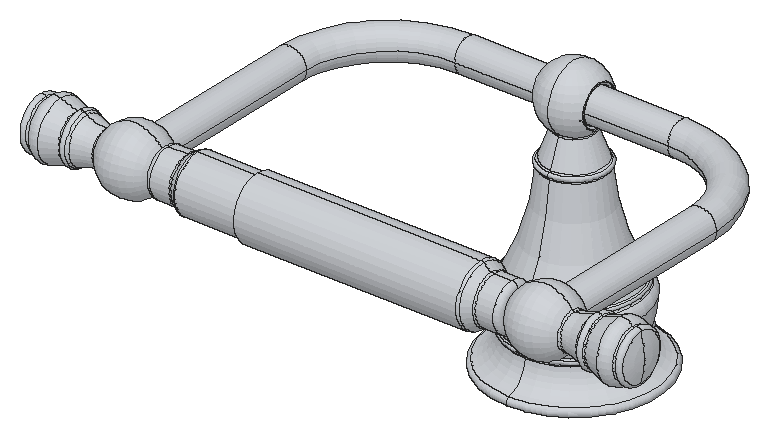
Revit family "Accessory-Tissue_Holder-KOHLER-REVIVAL-K-16141T_1", category Specialty Equipment, host Face, Revit 2017
Family settings
  Host = Face
  Round Connector Dimension = Use Diameter
  Part Type = Normal
  OmniClass Number = 23.31.25.21
  OmniClass Title = Toilet Paper Dispensers
  Cut with Voids When Loaded = No
  Shared = No
  Room Calculation Point = No
Parameters (values of type "CP-Polished Chrome")
  Width = 8 61/256"  # constant formula
  WaterSense Certified = 1 = 0  # no
  URL = "http://www.kohler.com.cn/"
  Type = 1
  Product Page URL = "https://www.kohler.com.cn/product/K-16141T-CP/K-16141T-CP/"
  Product Name = "REVIVAL"  # constant formula
  Product Documentation Link = "https://files.kohler.com.cn/pdfs/inst_revival.pdf"
  Model = if(Type = 1, "K-16141T-CP", if(Type = 2, "K-16141T-AF", "NA"))  # "K-16141T-CP"
  Material = "Premium Metal Construction"  # constant formula
  Master Format 2014 Name = "Toilet, Bath, and Laundry Accessories"  # constant formula
  Master Format 2014 = "10 28 00"  # constant formula
  Manufacturer Address = "Kohler Beijing Office (100016) 36-2-03-B, No. 88, Liuxiang Road, Beijing"  # constant formula
  Manufacturer = "KOHLER Co."  # constant formula
  Length = 3 23/32"  # constant formula
  Height = 5 141/256"  # constant formula
  Finish = Kohler-Metal-CP-Polished_Chrome
  Environmental Product Declaration = ""
  Description = "Toilet Paper Dispenser"  # constant formula
  Default Elevation = 42"
  Declare Label = ""
  Date Modified = "09/15/2020"  # constant formula
  Date Created = "09/15/2020"  # constant formula
  Copyright = "Copyright KOHLER Co."  # constant formula
  Contact Us = "http://www.kohler.com.cn/contact/contact-us/"
  Assembly Code = "C1030200"
  ADA Compliant = 1 = 0  # no
Types (3): name | Type | Product Page URL | Model | Finish
  (no name) | 1 | "https://www.kohler.com.cn/product/K-16141T-CP/K-16141T-CP/" | "K-16141T-CP" | Kohler-Metal-CP-Polished_Chrome
  CP-Polished Chrome | 1 | "https://www.kohler.com.cn/product/K-16141T-CP/K-16141T-CP/" | "K-16141T-CP" | Kohler-Metal-CP-Polished_Chrome
  AF-Vibrant French Gold | 2 | "https://www.kohler.com.cn/product/K-16141T-CP/K-16141T-AF/" | "K-16141T-AF" | Kohler-Metal-AF-Vibrant_French_Gold
Reference planes (in)
  plane 1 "Center (Front/Back)": y = 0
  plane 2: z = 0
  plane 3 "Center (Left/Right)": x = 0
  plane 4: y = 1.14173
  plane 5: x = 4.12008
  plane 6: x = -4.1182
  plane 7: x = 2.77953
  plane 8: x = -2.77953
  plane 9: y = -3.96063
  plane 10: x = 1.14173
  plane 11: x = -1.14173
  plane 12: y = -1.14173
  plane 13: z = 3.71875
  plane 14: z = 3.27953
  plane 15: y = -4.40905
  plane 16: z = 3.50117
  plane 17: z = 3.05788
  plane 18: z = 0.11533
  plane 19: z = 2.84031
  plane 20: y = -3.51221
  plane 21: x = -2.99996
  plane 22: x = -2.5591
  plane 23: x = 2.99996
  plane 24: x = 2.5591
Dimensions and locks (in)
  "Length": level to plane 13
  "Width": plane 6 to plane 5
  "Height": plane 4 to plane 15
  plane 9 to plane 1 "Center (Front/Back)" = 3.96063"
  plane 8 to plane 7 = 5.55906"
  plane 10 to plane 11 = 2.28346"
  plane 4 to plane 12 = 2.28346"
  level to plane 14 = 3.27953"
  aligned and locked: plane 2 to host face
  aligned and locked: level to host face
Automatic sketch dimensions
  host sketch curve to host sketch curve = 96"  (x2)
Nested families (in)
  nested 1: "K-16141T" at (0, 0, 0), type "K-16141T"
Definition of nested family "K-16141T"
  Parameters (values of type "K-16141T")
    Material = none
  Reference planes (in)
    plane 1 "Center (Front/Back)": y = 0
    plane 2: z = 0
    plane 3 "Center (Left/Right)": x = 0
    plane 4: y = -3.96063
    plane 5: x = -4.12008
    plane 6: x = -2.77953
    plane 7: x = 4.12008
    plane 8: x = 2.77953
    plane 9: z = 3.27953
    plane 10: z = 3.72047
    plane 11: x = -1.14173
    plane 12: x = 1.14173
    plane 13: y = -4.40945
    plane 14: y = 1.14173
    plane 15: y = -1.14173
  Forms (in)
    Revolve 1, solid, material <- "Material", detail levels medium+fine
      sketch origin (0, 0, 0) x (0, 1, 0) y (0, 0, 1)
        loop
          line (0, 0) -> (1.08148, 0)
          arc (1.08148, 0) -> (1.14092, 0.0504) -> (1.09778, 0.11531) r 0.05863
          arc (1.09778, 0.11531) -> (0.90271, 0.24153) -> (0.82035, 0.45879) r 0.37258
          arc (0.82035, 0.45879) -> (0.82396, 0.47376) -> (0.83501, 0.48449) r 0.02768
          arc (0.83501, 0.48449) -> (0.85032, 0.50842) -> (0.83779, 0.53391) r 0.02894
          arc (0.83779, 0.53391) -> (0.82854, 0.54628) -> (0.82873, 0.56172) r 0.02402
          arc (0.82873, 0.56172) -> (0.87536, 0.72808) -> (0.89958, 0.89915) r 1.30357
          arc (0.89958, 0.89915) -> (0.88656, 0.98163) -> (0.83814, 1.04967) r 0.18243
          arc (0.83814, 1.04967) -> (0.83035, 1.06322) -> (0.83242, 1.07871) r 0.0243
          arc (0.83242, 1.07871) -> (0.83359, 1.10122) -> (0.81798, 1.1175) r 0.02839
          arc (0.81798, 1.1175) -> (0.80471, 1.1259) -> (0.79492, 1.13818) r 0.04736
          arc (0.79492, 1.13818) -> (0.53018, 1.77227) -> (0.41157, 2.4491) r 3.10102
          arc (0.41157, 2.4491) -> (0.41484, 2.46439) -> (0.42555, 2.47577) r 0.02903
          arc (0.42555, 2.47577) -> (0.43909, 2.50699) -> (0.41401, 2.52999) r 0.02933
          arc (0.41401, 2.52999) -> (0.39933, 2.53566) -> (0.38904, 2.54757) r 0.03243
          arc (0.38904, 2.54757) -> (0.31299, 2.71949) -> (0.25472, 2.89821) r 1.85672
          arc (0.25472, 2.89821) -> (0.25525, 2.91399) -> (0.26454, 2.92675) r 0.02688
          arc (0.26454, 2.92675) -> (0.41832, 3.41895) -> (0, 3.72047) r 0.44094
          line (0, 3.72047) -> (0, 0)
        axis (0, 0) -> (0, 3.72047)
      angle from 0 to 360
    Revolve 2, void
      sketch origin (0, 0, 0) x (1, 0, 0) y (0, 0, 1)
        loop
          line (0.19, 3.519) -> (0.19, 3.46494) -> (-0.07058, 3.46494) -> (-0.07058, 3.519) -> (-0.30897, 3.519)
          arc (-0.30897, 3.519) -> (-0.32855, 3.52567) -> (-0.34, 3.54291) r 0.0321
          line (-0.34, 3.54291) -> (-0.34, 3.62781) -> (-0.55907, 3.62781) -> (-0.55907, 3.27953) -> (0, 3.27953) -> (0.55907, 3.27953) -> (0.55907, 3.65818) -> (0.34, 3.65818) -> (0.34, 3.54291)
          arc (0.34, 3.54291) -> (0.32855, 3.52567) -> (0.30897, 3.519) r 0.0321
          line (0.30897, 3.519) -> (0.19, 3.519)
        axis (0.55907, 3.27953) -> (-0.55907, 3.27953)
      angle from 0 to 360
    Sweep 3, solid, material <- "Material", detail levels medium+fine
      path origin (0, 0, 0) x (1, 0, 0) y (0, 1, 0)
        loop
          line (-2.77953, -3.96063) -> (-2.77953, -1.33858)
          arc (-2.77953, -1.33858) -> (-2.38747, -0.39206) -> (-1.44094, 0) r 1.33858
          line (-1.44094, 0) -> (1.44094, 0)
          arc (1.44094, 0) -> (2.38747, -0.39206) -> (2.77953, -1.33858) r 1.33858
          line (2.77953, -1.33858) -> (2.77953, -3.96063)
      profile origin (0, 0, 0) x (0, 1, 0) y (0, 0, 1)
        loop
          circle (0, 3.27953) r 0.22043
    Revolve 4, solid, material <- "Material", detail levels medium+fine
      sketch origin (-4.98419, -3.96063, 48) x (-1, 0, 0) y (0, 0, 1)
        loop
          arc (-0.90605, -44.40775) -> (-0.94485, -44.37178) -> (-0.99425, -44.3907) r 0.05007
          arc (-0.99425, -44.3907) -> (-1.01173, -44.39888) -> (-1.02836, -44.3891) r 0.02071
          arc (-1.02836, -44.3891) -> (-1.10537, -44.32797) -> (-1.20368, -44.32983) r 0.14539
          arc (-1.20368, -44.32983) -> (-1.30979, -44.3695) -> (-1.41636, -44.40789) r 9.37434
          arc (-1.41636, -44.40789) -> (-1.43218, -44.40832) -> (-1.44526, -44.39941) r 0.02574
          arc (-1.44526, -44.39941) -> (-1.48052, -44.38053) -> (-1.51815, -44.39407) r 0.0492
          arc (-1.51815, -44.39407) -> (-1.53283, -44.40589) -> (-1.54931, -44.41504) r 0.11016
          arc (-1.54931, -44.41504) -> (-1.67857, -44.46063) -> (-1.81354, -44.48445) r 0.83475
          arc (-1.81354, -44.48445) -> (-1.82878, -44.48178) -> (-1.84056, -44.47175) r 0.02943
          arc (-1.84056, -44.47175) -> (-2.22142, -44.27985) -> (-2.5866, -44.50013) r 0.44094
          arc (-2.5866, -44.50013) -> (-2.6025, -44.43391) -> (-2.66396, -44.4046) r 0.07909
          line (-2.66396, -44.4046) -> (-2.91559, -44.4046)
          arc (-2.91559, -44.4046) -> (-2.93209, -44.40228) -> (-2.94731, -44.3955) r 0.05986
          line (-2.94731, -44.3955) -> (-3.02307, -44.34816)
          arc (-3.02307, -44.34816) -> (-3.03728, -44.34183) -> (-3.05269, -44.33967) r 0.0559
          line (-3.05269, -44.33967) -> (-3.86623, -44.33967) -> (-3.86623, -44.30751) -> (-6.88428, -44.30751)
          arc (-6.88428, -44.30751) -> (-6.90479, -44.31066) -> (-6.92341, -44.31984) r 0.06823
          line (-6.92341, -44.31984) -> (-7.0292, -44.39392)
          arc (-7.0292, -44.39392) -> (-7.04531, -44.40186) -> (-7.06307, -44.4046) r 0.05906
          line (-7.06307, -44.4046) -> (-7.30442, -44.4046)
          arc (-7.30442, -44.4046) -> (-7.36588, -44.43391) -> (-7.38177, -44.50013) r 0.07909
          arc (-7.38177, -44.50013) -> (-7.74696, -44.27985) -> (-8.12782, -44.47175) r 0.44094
          arc (-8.12782, -44.47175) -> (-8.13959, -44.48178) -> (-8.15483, -44.48445) r 0.02943
          arc (-8.15483, -44.48445) -> (-8.28981, -44.46063) -> (-8.41907, -44.41504) r 0.83475
          arc (-8.41907, -44.41504) -> (-8.43555, -44.40589) -> (-8.45022, -44.39407) r 0.11016
          arc (-8.45022, -44.39407) -> (-8.48786, -44.38053) -> (-8.52312, -44.39941) r 0.0492
          arc (-8.52312, -44.39941) -> (-8.5362, -44.40832) -> (-8.55201, -44.40789) r 0.02574
          arc (-8.55201, -44.40789) -> (-8.65859, -44.3695) -> (-8.7647, -44.32983) r 9.37434
          arc (-8.7647, -44.32983) -> (-8.86301, -44.32797) -> (-8.94002, -44.3891) r 0.14539
          arc (-8.94002, -44.3891) -> (-8.95665, -44.39888) -> (-8.97413, -44.3907) r 0.02071
          arc (-8.97413, -44.3907) -> (-9.02353, -44.37178) -> (-9.06233, -44.40775) r 0.05007
          arc (-9.06233, -44.40775) -> (-9.09374, -44.56271) -> (-9.10427, -44.72047) r 1.18689
          line (-9.10427, -44.72047) -> (-0.86411, -44.72047)
          arc (-0.86411, -44.72047) -> (-0.87464, -44.56271) -> (-0.90605, -44.40775) r 1.18689
        axis (-9.10427, -44.72047) -> (-0.86411, -44.72047)
      angle from 0 to 360
    Revolve 5, solid, material <- "Material", detail levels coarse
      sketch origin (0, 0, 0) x (1, 0, 0) y (0, 0, 1)
        loop
          line (0.00382, 0) -> (0.00382, 3.72047) -> (-0.33769, 3.72047) -> (-0.33769, 2.97164) -> (-0.79544, 1.13573) -> (-0.90332, 1.13573) -> (-0.90332, 0.11457) -> (-1.14173, 0.11457) -> (-1.14173, 0) -> (0.00382, 0)
        axis (0.00382, 0) -> (0.00382, 3.72047)
      angle from 0 to 360
    Sweep 6, solid, material <- "Material", detail levels coarse
      path origin (0, 0, 0) x (1, 0, 0) y (0, 1, 0)
        loop
          line (2.77953, -3.96063) -> (2.77953, -1.33858)
          arc (2.77953, -1.33858) -> (2.38747, -0.39206) -> (1.44094, 0) r 1.33858
          line (1.44094, 0) -> (-1.44094, 0)
          arc (-1.44094, 0) -> (-2.38747, -0.39206) -> (-2.77953, -1.33858) r 1.33858
          line (-2.77953, -1.33858) -> (-2.77953, -3.57874)
      profile origin (0, 0, 0) x (0, 1, 0) y (0, 0, 1)
        loop
          circle (0, 3.27953) r 0.22043
    Revolve 7, solid, material <- "Material", detail levels coarse
      sketch origin (-4.98419, -3.96063, 48) x (-1, 0, 0) y (0, 0, 1)
        loop
          line (-4.98419, -44.72047) -> (-0.86411, -44.72047) -> (-0.86411, -44.30751) -> (-4.98419, -44.30751) -> (-9.10427, -44.30751) -> (-9.10427, -44.72047) -> (-4.98419, -44.72047)
        axis (-9.10427, -44.72047) -> (-0.86411, -44.72047)
      angle from 0 to 360
  Cuts and joins
    Revolve 2 cuts Revolve 1
    joined: Revolve 1, Sweep 3, Revolve 4
    joined: Revolve 5, Sweep 6, Revolve 7
  Lines and regions (in)
    Masking region 1
      outline origin (-4.98419, -3.96063, 48) x (-1, 0, 0) y (0, 0, 1)
        loop
          line (-4.98419, -47.99998) -> (-3.90271, -47.99998)
          arc (-3.90271, -47.99998) -> (-3.84327, -47.94958) -> (-3.88641, -47.88467) r 0.05863
          arc (-3.88641, -47.88467) -> (-4.08148, -47.75845) -> (-4.16384, -47.54119) r 0.37258
          arc (-4.16384, -47.54119) -> (-4.16023, -47.52622) -> (-4.14918, -47.51549) r 0.02768
          arc (-4.14918, -47.51549) -> (-4.13386, -47.49157) -> (-4.1464, -47.46607) r 0.02894
          arc (-4.1464, -47.46607) -> (-4.15565, -47.4537) -> (-4.15546, -47.43826) r 0.02402
          arc (-4.15546, -47.43826) -> (-4.10883, -47.2719) -> (-4.08461, -47.10084) r 1.30357
          arc (-4.08461, -47.10084) -> (-4.09763, -47.01835) -> (-4.14605, -46.95031) r 0.18243
          arc (-4.14605, -46.95031) -> (-4.15384, -46.93677) -> (-4.15177, -46.92128) r 0.0243
          arc (-4.15177, -46.92128) -> (-4.1506, -46.89876) -> (-4.16621, -46.88249) r 0.02839
          arc (-4.16621, -46.88249) -> (-4.17948, -46.87409) -> (-4.18927, -46.8618) r 0.04736
          arc (-4.18927, -46.8618) -> (-4.45401, -46.22771) -> (-4.57261, -45.55088) r 3.10102
          arc (-4.57261, -45.55088) -> (-4.56935, -45.5356) -> (-4.55864, -45.52421) r 0.02903
          arc (-4.55864, -45.52421) -> (-4.5451, -45.49299) -> (-4.57018, -45.46999) r 0.02933
          arc (-4.57018, -45.46999) -> (-4.58486, -45.46433) -> (-4.59515, -45.45241) r 0.03243
          arc (-4.59515, -45.45241) -> (-4.66524, -45.29583) -> (-4.72059, -45.13344) r 1.85672
          line (-4.72059, -45.13344) -> (-3.86623, -45.13344) -> (-3.86623, -45.10128) -> (-3.05863, -45.10128)
          arc (-3.05863, -45.10128) -> (-3.04001, -45.09903) -> (-3.02245, -45.0924) r 0.07815
          line (-3.02245, -45.0924) -> (-2.94711, -45.04532)
          arc (-2.94711, -45.04532) -> (-2.9321, -45.03864) -> (-2.91582, -45.03635) r 0.05906
          line (-2.91582, -45.03635) -> (-2.66396, -45.03635)
          arc (-2.66396, -45.03635) -> (-2.6025, -45.00703) -> (-2.5866, -44.94082) r 0.07909
          arc (-2.5866, -44.94082) -> (-2.22142, -45.1611) -> (-1.84056, -44.9692) r 0.44094
          arc (-1.84056, -44.9692) -> (-1.82878, -44.95917) -> (-1.81354, -44.95649) r 0.02943
          arc (-1.81354, -44.95649) -> (-1.67857, -44.98031) -> (-1.54931, -45.0259) r 0.83475
          arc (-1.54931, -45.0259) -> (-1.53283, -45.03505) -> (-1.51815, -45.04688) r 0.11016
          arc (-1.51815, -45.04688) -> (-1.48052, -45.06042) -> (-1.44526, -45.04153) r 0.0492
          arc (-1.44526, -45.04153) -> (-1.43218, -45.03262) -> (-1.41636, -45.03305) r 0.02574
          arc (-1.41636, -45.03305) -> (-1.30979, -45.07144) -> (-1.20368, -45.11111) r 9.37434
          arc (-1.20368, -45.11111) -> (-1.10537, -45.11297) -> (-1.02836, -45.05184) r 0.14539
          arc (-1.02836, -45.05184) -> (-1.01173, -45.04206) -> (-0.99425, -45.05025) r 0.02071
          arc (-0.99425, -45.05025) -> (-0.94485, -45.06916) -> (-0.90605, -45.0332) r 0.05007
          arc (-0.90605, -45.0332) -> (-0.87464, -44.87824) -> (-0.86411, -44.72047) r 1.18689
          arc (-0.86411, -44.72047) -> (-0.87464, -44.56271) -> (-0.90605, -44.40775) r 1.18689
          arc (-0.90605, -44.40775) -> (-0.94485, -44.37178) -> (-0.99425, -44.3907) r 0.05007
          arc (-0.99425, -44.3907) -> (-1.01173, -44.39888) -> (-1.02836, -44.3891) r 0.02071
          arc (-1.02836, -44.3891) -> (-1.10537, -44.32797) -> (-1.20368, -44.32983) r 0.14539
          arc (-1.20368, -44.32983) -> (-1.30979, -44.3695) -> (-1.41636, -44.40789) r 9.37434
          arc (-1.41636, -44.40789) -> (-1.43218, -44.40832) -> (-1.44526, -44.39941) r 0.02574
          arc (-1.44526, -44.39941) -> (-1.48052, -44.38053) -> (-1.51815, -44.39407) r 0.0492
          arc (-1.51815, -44.39407) -> (-1.53283, -44.40589) -> (-1.54931, -44.41504) r 0.11016
          arc (-1.54931, -44.41504) -> (-1.67857, -44.46063) -> (-1.81354, -44.48445) r 0.83475
          arc (-1.81354, -44.48445) -> (-1.82878, -44.48178) -> (-1.84056, -44.47175) r 0.02943
          arc (-1.84056, -44.47175) -> (-2.22142, -44.27985) -> (-2.5866, -44.50013) r 0.44094
          arc (-2.5866, -44.50013) -> (-2.6025, -44.43391) -> (-2.66396, -44.4046) r 0.07909
          line (-2.66396, -44.4046) -> (-2.91559, -44.4046)
          arc (-2.91559, -44.4046) -> (-2.93209, -44.40228) -> (-2.94731, -44.3955) r 0.05986
          line (-2.94731, -44.3955) -> (-3.02245, -44.34855)
          arc (-3.02245, -44.34855) -> (-3.04001, -44.34192) -> (-3.05863, -44.33967) r 0.07815
          line (-3.05863, -44.33967) -> (-3.86623, -44.33967) -> (-3.86623, -44.30751) -> (-4.82958, -44.30751)
          arc (-4.82958, -44.30751) -> (-4.90563, -44.28657) -> (-4.98419, -44.27951) r 0.44094
          arc (-4.98419, -44.27951) -> (-5.06275, -44.28657) -> (-5.1388, -44.30751) r 0.44094
          line (-5.1388, -44.30751) -> (-6.88465, -44.30751)
          arc (-6.88465, -44.30751) -> (-6.91146, -44.3127) -> (-6.93439, -44.32753) r 0.07178
          line (-6.93439, -44.32753) -> (-7.0292, -44.39392)
          arc (-7.0292, -44.39392) -> (-7.04531, -44.40186) -> (-7.06307, -44.4046) r 0.05906
          line (-7.06307, -44.4046) -> (-7.30442, -44.4046)
          arc (-7.30442, -44.4046) -> (-7.36588, -44.43391) -> (-7.38177, -44.50013) r 0.07909
          arc (-7.38177, -44.50013) -> (-7.74696, -44.27985) -> (-8.12782, -44.47175) r 0.44094
          arc (-8.12782, -44.47175) -> (-8.13959, -44.48178) -> (-8.15483, -44.48445) r 0.02943
          arc (-8.15483, -44.48445) -> (-8.28981, -44.46063) -> (-8.41907, -44.41504) r 0.83475
          arc (-8.41907, -44.41504) -> (-8.43555, -44.40589) -> (-8.45022, -44.39407) r 0.11016
          arc (-8.45022, -44.39407) -> (-8.48786, -44.38053) -> (-8.52312, -44.39941) r 0.0492
          arc (-8.52312, -44.39941) -> (-8.5362, -44.40832) -> (-8.55201, -44.40789) r 0.02574
          arc (-8.55201, -44.40789) -> (-8.65859, -44.3695) -> (-8.7647, -44.32983) r 9.37434
          arc (-8.7647, -44.32983) -> (-8.86301, -44.32797) -> (-8.94002, -44.3891) r 0.14539
          arc (-8.94002, -44.3891) -> (-8.95665, -44.39888) -> (-8.97413, -44.3907) r 0.02071
          arc (-8.97413, -44.3907) -> (-9.02353, -44.37178) -> (-9.06233, -44.40775) r 0.05007
          arc (-9.06233, -44.40775) -> (-9.09374, -44.56271) -> (-9.10427, -44.72047) r 1.18689
          arc (-9.10427, -44.72047) -> (-9.09374, -44.87824) -> (-9.06233, -45.0332) r 1.18689
          arc (-9.06233, -45.0332) -> (-9.02353, -45.06916) -> (-8.97413, -45.05025) r 0.05007
          arc (-8.97413, -45.05025) -> (-8.95665, -45.04206) -> (-8.94002, -45.05184) r 0.02071
          arc (-8.94002, -45.05184) -> (-8.86301, -45.11297) -> (-8.7647, -45.11111) r 0.14539
          arc (-8.7647, -45.11111) -> (-8.65859, -45.07144) -> (-8.55201, -45.03305) r 9.37434
          arc (-8.55201, -45.03305) -> (-8.5362, -45.03262) -> (-8.52312, -45.04153) r 0.02574
          arc (-8.52312, -45.04153) -> (-8.48786, -45.06042) -> (-8.45022, -45.04688) r 0.0492
          arc (-8.45022, -45.04688) -> (-8.43555, -45.03505) -> (-8.41907, -45.0259) r 0.11016
          arc (-8.41907, -45.0259) -> (-8.28981, -44.98031) -> (-8.15483, -44.95649) r 0.83475
          arc (-8.15483, -44.95649) -> (-8.13959, -44.95917) -> (-8.12782, -44.9692) r 0.02943
          arc (-8.12782, -44.9692) -> (-7.74696, -45.1611) -> (-7.38177, -44.94082) r 0.44094
          arc (-7.38177, -44.94082) -> (-7.36588, -45.00703) -> (-7.30442, -45.03635) r 0.07909
          line (-7.30442, -45.03635) -> (-7.06307, -45.03635)
          arc (-7.06307, -45.03635) -> (-7.04531, -45.03908) -> (-7.0292, -45.04703) r 0.05906
          line (-7.0292, -45.04703) -> (-6.93439, -45.11341)
          arc (-6.93439, -45.11341) -> (-6.91146, -45.12825) -> (-6.88465, -45.13344) r 0.07178
          line (-6.88465, -45.13344) -> (-5.24779, -45.13344)
          arc (-5.24779, -45.13344) -> (-5.30313, -45.29583) -> (-5.37323, -45.45241) r 1.85672
          arc (-5.37323, -45.45241) -> (-5.38352, -45.46433) -> (-5.3982, -45.46999) r 0.03243
          arc (-5.3982, -45.46999) -> (-5.42328, -45.49299) -> (-5.40974, -45.52421) r 0.02933
          arc (-5.40974, -45.52421) -> (-5.39902, -45.5356) -> (-5.39576, -45.55088) r 0.02903
          arc (-5.39576, -45.55088) -> (-5.51437, -46.22771) -> (-5.77911, -46.8618) r 3.10102
          arc (-5.77911, -46.8618) -> (-5.7889, -46.87409) -> (-5.80217, -46.88249) r 0.04736
          arc (-5.80217, -46.88249) -> (-5.81778, -46.89876) -> (-5.81661, -46.92128) r 0.02839
          arc (-5.81661, -46.92128) -> (-5.81454, -46.93677) -> (-5.82233, -46.95031) r 0.0243
          arc (-5.82233, -46.95031) -> (-5.87074, -47.01835) -> (-5.88377, -47.10084) r 0.18243
          arc (-5.88377, -47.10084) -> (-5.85955, -47.2719) -> (-5.81292, -47.43826) r 1.30357
          arc (-5.81292, -47.43826) -> (-5.81273, -47.4537) -> (-5.82198, -47.46607) r 0.02402
          arc (-5.82198, -47.46607) -> (-5.83451, -47.49157) -> (-5.8192, -47.51549) r 0.02894
          arc (-5.8192, -47.51549) -> (-5.80815, -47.52622) -> (-5.80454, -47.54119) r 0.02768
          arc (-5.80454, -47.54119) -> (-5.8869, -47.75845) -> (-6.08197, -47.88467) r 0.37258
          arc (-6.08197, -47.88467) -> (-6.12511, -47.94958) -> (-6.06567, -47.99998) r 0.05863
          line (-6.06567, -47.99998) -> (-4.98419, -47.99998)
    Masking region 2
      outline origin (0, 0, 0) x (1, 0, 0) y (0, 1, 0)
        loop
          line (-3, -1.33858) -> (-3, -3.57876)
          arc (-3, -3.57876) -> (-3.0793, -3.63726) -> (-3.14363, -3.71191) r 0.44094
          arc (-3.14363, -3.71191) -> (-3.15541, -3.72194) -> (-3.17064, -3.72461) r 0.02943
          arc (-3.17064, -3.72461) -> (-3.30562, -3.70079) -> (-3.43488, -3.6552) r 0.83475
          arc (-3.43488, -3.6552) -> (-3.45136, -3.64605) -> (-3.46604, -3.63423) r 0.11016
          arc (-3.46604, -3.63423) -> (-3.50367, -3.62069) -> (-3.53893, -3.63957) r 0.0492
          arc (-3.53893, -3.63957) -> (-3.55201, -3.64848) -> (-3.56783, -3.64805) r 0.02574
          arc (-3.56783, -3.64805) -> (-3.6744, -3.60966) -> (-3.78051, -3.56999) r 9.37434
          arc (-3.78051, -3.56999) -> (-3.87882, -3.56813) -> (-3.95583, -3.62926) r 0.14539
          arc (-3.95583, -3.62926) -> (-3.97246, -3.63904) -> (-3.98994, -3.63086) r 0.02071
          arc (-3.98994, -3.63086) -> (-4.03934, -3.61194) -> (-4.07814, -3.6479) r 0.05007
          arc (-4.07814, -3.6479) -> (-4.10955, -3.80287) -> (-4.12008, -3.96063) r 1.18689
          arc (-4.12008, -3.96063) -> (-4.10955, -4.11839) -> (-4.07814, -4.27336) r 1.18689
          arc (-4.07814, -4.27336) -> (-4.03934, -4.30932) -> (-3.98994, -4.2904) r 0.05007
          arc (-3.98994, -4.2904) -> (-3.97246, -4.28222) -> (-3.95583, -4.292) r 0.02071
          arc (-3.95583, -4.292) -> (-3.87882, -4.35313) -> (-3.78051, -4.35127) r 0.14539
          arc (-3.78051, -4.35127) -> (-3.6744, -4.3116) -> (-3.56783, -4.27321) r 9.37434
          arc (-3.56783, -4.27321) -> (-3.55201, -4.27278) -> (-3.53893, -4.28169) r 0.02574
          arc (-3.53893, -4.28169) -> (-3.50367, -4.30057) -> (-3.46604, -4.28703) r 0.0492
          arc (-3.46604, -4.28703) -> (-3.45136, -4.27521) -> (-3.43488, -4.26606) r 0.11016
          arc (-3.43488, -4.26606) -> (-3.30562, -4.22047) -> (-3.17064, -4.19665) r 0.83475
          arc (-3.17064, -4.19665) -> (-3.15541, -4.19932) -> (-3.14363, -4.20935) r 0.02943
          arc (-3.14363, -4.20935) -> (-2.76277, -4.40126) -> (-2.39758, -4.18098) r 0.44094
          arc (-2.39758, -4.18098) -> (-2.38169, -4.24719) -> (-2.32023, -4.27651) r 0.07909
          line (-2.32023, -4.27651) -> (-2.0686, -4.27651)
          arc (-2.0686, -4.27651) -> (-2.0521, -4.27882) -> (-2.03688, -4.2856) r 0.05986
          line (-2.03688, -4.2856) -> (-1.96112, -4.33294)
          arc (-1.96112, -4.33294) -> (-1.94691, -4.33927) -> (-1.9315, -4.34143) r 0.0559
          line (-1.9315, -4.34143) -> (-1.11796, -4.34143) -> (-1.11796, -4.3736) -> (1.90009, -4.3736)
          arc (1.90009, -4.3736) -> (1.9206, -4.37044) -> (1.93922, -4.36126) r 0.06823
          line (1.93922, -4.36126) -> (2.04501, -4.28719)
          arc (2.04501, -4.28719) -> (2.06112, -4.27924) -> (2.07888, -4.27651) r 0.05906
          line (2.07888, -4.27651) -> (2.32023, -4.27651)
          arc (2.32023, -4.27651) -> (2.38169, -4.24719) -> (2.39758, -4.18098) r 0.07909
          arc (2.39758, -4.18098) -> (2.76277, -4.40126) -> (3.14363, -4.20935) r 0.44094
          arc (3.14363, -4.20935) -> (3.15541, -4.19932) -> (3.17064, -4.19665) r 0.02943
          arc (3.17064, -4.19665) -> (3.30562, -4.22047) -> (3.43488, -4.26606) r 0.83475
          arc (3.43488, -4.26606) -> (3.45136, -4.27521) -> (3.46604, -4.28703) r 0.11016
          arc (3.46604, -4.28703) -> (3.50367, -4.30057) -> (3.53893, -4.28169) r 0.0492
          arc (3.53893, -4.28169) -> (3.55201, -4.27278) -> (3.56783, -4.27321) r 0.02574
          arc (3.56783, -4.27321) -> (3.6744, -4.3116) -> (3.78051, -4.35127) r 9.37434
          arc (3.78051, -4.35127) -> (3.87882, -4.35313) -> (3.95583, -4.292) r 0.14539
          arc (3.95583, -4.292) -> (3.97246, -4.28222) -> (3.98994, -4.2904) r 0.02071
          arc (3.98994, -4.2904) -> (4.03934, -4.30932) -> (4.07814, -4.27336) r 0.05007
          arc (4.07814, -4.27336) -> (4.10955, -4.11839) -> (4.12008, -3.96063) r 1.18689
          arc (4.12008, -3.96063) -> (4.10955, -3.80287) -> (4.07814, -3.6479) r 1.18689
          arc (4.07814, -3.6479) -> (4.03934, -3.61194) -> (3.98994, -3.63086) r 0.05007
          arc (3.98994, -3.63086) -> (3.97246, -3.63904) -> (3.95583, -3.62926) r 0.02071
          arc (3.95583, -3.62926) -> (3.87882, -3.56813) -> (3.78051, -3.56999) r 0.14539
          arc (3.78051, -3.56999) -> (3.6744, -3.60966) -> (3.56783, -3.64805) r 9.37434
          arc (3.56783, -3.64805) -> (3.55201, -3.64848) -> (3.53893, -3.63957) r 0.02574
          arc (3.53893, -3.63957) -> (3.50367, -3.62069) -> (3.46604, -3.63423) r 0.0492
          arc (3.46604, -3.63423) -> (3.45136, -3.64605) -> (3.43488, -3.6552) r 0.11016
          arc (3.43488, -3.6552) -> (3.30562, -3.70079) -> (3.17064, -3.72461) r 0.83475
          arc (3.17064, -3.72461) -> (3.15541, -3.72194) -> (3.14363, -3.71191) r 0.02943
          arc (3.14363, -3.71191) -> (3.0793, -3.63726) -> (3, -3.57876) r 0.44094
          line (3, -3.57876) -> (3, -1.33858)
          arc (3, -1.33858) -> (2.54336, -0.23616) -> (1.44094, 0.22047) r 1.55906
          line (1.44094, 0.22047) -> (1.12024, 0.22047)
          arc (1.12024, 0.22047) -> (0, 1.14173) -> (-1.12024, 0.22047) r 1.14173
          line (-1.12024, 0.22047) -> (-1.44094, 0.22047)
          arc (-1.44094, 0.22047) -> (-2.54336, -0.23616) -> (-3, -1.33858) r 1.55906
        loop
          line (-1.12024, -0.22047) -> (-1.44094, -0.22047)
          arc (-1.44094, -0.22047) -> (-2.23157, -0.54796) -> (-2.55906, -1.33858) r 1.11811
          line (-2.55906, -1.33858) -> (-2.55906, -3.57876)
          arc (-2.55906, -3.57876) -> (-2.46768, -3.64889) -> (-2.39758, -3.74028) r 0.44094
          arc (-2.39758, -3.74028) -> (-2.38169, -3.67407) -> (-2.32023, -3.64475) r 0.07909
          line (-2.32023, -3.64475) -> (-2.0686, -3.64475)
          arc (-2.0686, -3.64475) -> (-2.0521, -3.64244) -> (-2.03688, -3.63566) r 0.05986
          line (-2.03688, -3.63566) -> (-1.96112, -3.58832)
          arc (-1.96112, -3.58832) -> (-1.94691, -3.58199) -> (-1.9315, -3.57983) r 0.0559
          line (-1.9315, -3.57983) -> (-1.11796, -3.57983) -> (-1.11796, -3.54766) -> (1.90009, -3.54766)
          arc (1.90009, -3.54766) -> (1.9206, -3.55082) -> (1.93922, -3.56) r 0.06823
          line (1.93922, -3.56) -> (2.04501, -3.63407)
          arc (2.04501, -3.63407) -> (2.06112, -3.64202) -> (2.07888, -3.64475) r 0.05906
          line (2.07888, -3.64475) -> (2.32023, -3.64475)
          arc (2.32023, -3.64475) -> (2.38169, -3.67407) -> (2.39758, -3.74028) r 0.07909
          arc (2.39758, -3.74028) -> (2.46768, -3.64889) -> (2.55906, -3.57876) r 0.44094
          line (2.55906, -3.57876) -> (2.55906, -1.33858)
          arc (2.55906, -1.33858) -> (2.23157, -0.54796) -> (1.44094, -0.22047) r 1.11811
          line (1.44094, -0.22047) -> (1.12024, -0.22047)
          arc (1.12024, -0.22047) -> (0, -1.14173) -> (-1.12024, -0.22047) r 1.14173
    Masking region 3
      outline origin (0, 0, 0) x (0, 1, 0) y (0, 0, 1)
        loop
          line (0, 0.00002) -> (1.08148, 0.00002)
          arc (1.08148, 0.00002) -> (1.14092, 0.05042) -> (1.09778, 0.11533) r 0.05863
          arc (1.09778, 0.11533) -> (0.90271, 0.24155) -> (0.82035, 0.45881) r 0.37258
          arc (0.82035, 0.45881) -> (0.82396, 0.47378) -> (0.83501, 0.48451) r 0.02768
          arc (0.83501, 0.48451) -> (0.85032, 0.50843) -> (0.83779, 0.53393) r 0.02894
          arc (0.83779, 0.53393) -> (0.82854, 0.5463) -> (0.82873, 0.56174) r 0.02402
          arc (0.82873, 0.56174) -> (0.87536, 0.7281) -> (0.89958, 0.89916) r 1.30357
          arc (0.89958, 0.89916) -> (0.88656, 0.98165) -> (0.83814, 1.04969) r 0.18243
          arc (0.83814, 1.04969) -> (0.83035, 1.06323) -> (0.83242, 1.07872) r 0.0243
          arc (0.83242, 1.07872) -> (0.83359, 1.10124) -> (0.81798, 1.11751) r 0.02839
          arc (0.81798, 1.11751) -> (0.80471, 1.12591) -> (0.79492, 1.1382) r 0.04736
          arc (0.79492, 1.1382) -> (0.53018, 1.77229) -> (0.41157, 2.44912) r 3.10102
          arc (0.41157, 2.44912) -> (0.41484, 2.4644) -> (0.42555, 2.47579) r 0.02903
          arc (0.42555, 2.47579) -> (0.43909, 2.50701) -> (0.41401, 2.53001) r 0.02933
          arc (0.41401, 2.53001) -> (0.39933, 2.53567) -> (0.38904, 2.54759) r 0.03243
          arc (0.38904, 2.54759) -> (0.31299, 2.7195) -> (0.25472, 2.89823) r 1.85672
          arc (0.25472, 2.89823) -> (0.25525, 2.91401) -> (0.26454, 2.92677) r 0.02688
          arc (0.26454, 2.92677) -> (0.41832, 3.41897) -> (0, 3.72049) r 0.44094
          arc (0, 3.72049) -> (-0.22007, 3.66165) -> (-0.3814, 3.50083) r 0.44094
          line (-0.3814, 3.50083) -> (-3.57016, 3.50083)
          arc (-3.57016, 3.50083) -> (-4.40945, 3.27953) -> (-3.57016, 3.05823) r 0.44882
          line (-3.57016, 3.05823) -> (-0.38138, 3.05823)
          arc (-0.38138, 3.05823) -> (-0.32958, 2.98661) -> (-0.26454, 2.92677) r 0.44094
          arc (-0.26454, 2.92677) -> (-0.25525, 2.91401) -> (-0.25472, 2.89823) r 0.02688
          arc (-0.25472, 2.89823) -> (-0.31299, 2.7195) -> (-0.38904, 2.54759) r 1.85672
          arc (-0.38904, 2.54759) -> (-0.39933, 2.53567) -> (-0.41401, 2.53001) r 0.03243
          arc (-0.41401, 2.53001) -> (-0.43909, 2.50701) -> (-0.42555, 2.47579) r 0.02933
          arc (-0.42555, 2.47579) -> (-0.41484, 2.4644) -> (-0.41157, 2.44912) r 0.02903
          arc (-0.41157, 2.44912) -> (-0.53018, 1.77229) -> (-0.79492, 1.1382) r 3.10102
          arc (-0.79492, 1.1382) -> (-0.80471, 1.12591) -> (-0.81798, 1.11751) r 0.04736
          arc (-0.81798, 1.11751) -> (-0.83359, 1.10124) -> (-0.83242, 1.07872) r 0.02839
          arc (-0.83242, 1.07872) -> (-0.83035, 1.06323) -> (-0.83814, 1.04969) r 0.0243
          arc (-0.83814, 1.04969) -> (-0.88656, 0.98165) -> (-0.89958, 0.89916) r 0.18243
          arc (-0.89958, 0.89916) -> (-0.87536, 0.7281) -> (-0.82873, 0.56174) r 1.30357
          arc (-0.82873, 0.56174) -> (-0.82854, 0.5463) -> (-0.83779, 0.53393) r 0.02402
          arc (-0.83779, 0.53393) -> (-0.85032, 0.50843) -> (-0.83501, 0.48451) r 0.02894
          arc (-0.83501, 0.48451) -> (-0.82396, 0.47378) -> (-0.82035, 0.45881) r 0.02768
          arc (-0.82035, 0.45881) -> (-0.90271, 0.24155) -> (-1.09778, 0.11533) r 0.37258
          arc (-1.09778, 0.11533) -> (-1.14092, 0.05042) -> (-1.08148, 0.00002) r 0.05863
          line (-1.08148, 0.00002) -> (0, 0.00002)
    symbolic lines, detail levels medium+fine
      curve 1: line (-1.09778, 0, 0.11533) -> (1.09778, 0, 0.11533)
      curve 2: line (-0.83501, 0, 0.48451) -> (0.83501, 0, 0.48451)
      curve 3: line (-0.83779, 0, 0.53393) -> (0.83779, 0, 0.53393)
      curve 4: line (-0.89958, 0, 0.89916) -> (0.89958, 0, 0.89916)
      curve 5: line (-0.83242, 0, 1.07872) -> (0.83242, 0, 1.07872)
      curve 6: line (-0.81798, 0, 1.11751) -> (0.81798, 0, 1.11751)
      curve 7: line (-0.41401, 0, 2.53001) -> (0.4068, 0, 2.53001)
      curve 8: line (-0.42555, 0, 2.47579) -> (0.42555, 0, 2.47579)
      curve 9: line (-0.38904, 0, 2.54759) -> (0.38904, 0, 2.54759)
      curve 10: line (-0.41157, 0, 2.44912) -> (0.41157, 0, 2.44912)
      curve 11: line (-0.79492, 0, 1.1382) -> (0.79492, 0, 1.1382)
      curve 12: line (-0.83814, 0, 1.04969) -> (0.83814, 0, 1.04969)
      curve 13: line (-0.82873, 0, 0.56174) -> (0.82873, 0, 0.56174)
      curve 14: line (-0.82035, 0, 0.45881) -> (0.82035, 0, 0.45881)
      curve 15: line (-4.07814, 0, 3.59225) -> (-4.07814, 0, 2.9668)
      curve 16: line (-3.98994, 0, 3.6093) -> (-3.98994, 0, 2.94975)
      curve 17: line (-3.95583, 0, 3.6109) -> (-3.95583, 0, 2.94816)
      curve 18: line (-3.78051, 0, 3.67017) -> (-3.78051, 0, 2.88889)
      curve 19: line (-3.56783, 0, 3.59211) -> (-3.56783, 0, 2.96695)
      curve 20: line (-3.53893, 0, 3.60059) -> (-3.53893, 0, 2.95847)
      curve 21: line (-3.46604, 0, 2.95312) -> (-3.46604, 0, 3.60593)
      curve 22: line (-3.17064, 0, 3.51555) -> (-3.17064, 0, 3.04351)
      curve 23: line (-3.14363, 0, 3.52825) -> (-3.14363, 0, 3.0308)
      curve 24: line (-2.05144, 0, 3.5954) -> (-2.05144, 0, 3.49996)
      curve 25: line (-1.96174, 0, 3.65145) -> (-1.96174, 0, 3.49996)
      curve 26: line (-1.92556, 0, 3.66033) -> (-1.92556, 0, 3.49996)
      curve 27: line (-1.11796, 0, 3.66033) -> (-1.11796, 0, 3.49996)
      curve 28: line (4.07814, 0, 3.59225) -> (4.07814, 0, 2.9668)
      curve 29: line (3.98994, 0, 3.6093) -> (3.98994, 0, 2.94975)
      curve 30: line (3.95583, 0, 3.6109) -> (3.95583, 0, 2.94816)
      curve 31: line (3.78051, 0, 3.67017) -> (3.78051, 0, 2.88889)
      curve 32: line (3.56783, 0, 3.59211) -> (3.56783, 0, 2.96695)
      curve 33: line (3.53893, 0, 3.60059) -> (3.53893, 0, 2.95847)
      curve 34: line (3.46604, 0, 2.95312) -> (3.46604, 0, 3.60593)
      curve 35: line (3.17064, 0, 3.51555) -> (3.17064, 0, 3.04351)
      curve 36: line (3.14363, 0, 3.52825) -> (3.14363, 0, 3.0308)
      curve 37: line (2.05144, 0, 3.60158) -> (2.05144, 0, 3.49996)
      curve 38: line (1.9502, 0, 3.67247) -> (1.9502, 0, 3.49996)
      curve 39: line (1.90046, 0, 3.69249) -> (1.90046, 0, 3.49996)
      curve 40: arc (0.34, 0, 2.99876) -> (0.30566, 0, 2.96145) -> (0.26687, 0, 2.9288) r 0.39852
      curve 41: arc (0.26687, 0, 2.9288) -> (0.25548, 0, 2.91271) -> (0.2559, 0, 2.893) r 0.03146
      curve 42: arc (0.2559, 0, 2.893) -> (0.26012, 0, 2.87989) -> (0.2636, 0, 2.86656) r 0.24344
      curve 43: line (0.34, 0, 2.99876) -> (0.34, 0, 3.5603)
      curve 44: arc (0.34, 0, 3.5603) -> (0.25611, 0, 3.63875) -> (0.15461, 0, 3.69249) r 0.43474
      curve 45: arc (-0.34, 0, 2.99876) -> (-0.30566, 0, 2.96145) -> (-0.26687, 0, 2.9288) r 0.39852
      curve 46: arc (-0.26687, 0, 2.9288) -> (-0.25548, 0, 2.91271) -> (-0.2559, 0, 2.893) r 0.03146
      curve 47: line (-0.34, 0, 2.99876) -> (-0.34, 0, 3.5603)
      curve 48: arc (-0.34, 0, 3.5603) -> (-0.25611, 0, 3.63875) -> (-0.15461, 0, 3.69249) r 0.43474
      curve 49: arc (-0.2559, 0, 2.893) -> (-0.26012, 0, 2.87989) -> (-0.2636, 0, 2.86656) r 0.24344
      curve 50: arc (-2.77953, 0, 3.49996) -> (-2.99996, 0, 3.27953) -> (-2.77953, 0, 3.0591) r 0.22043
      curve 51: line (-2.77953, 0, 3.49996) -> (-0.34, 0, 3.49996)
      curve 52: line (-2.77953, 0, 3.0591) -> (-0.34, 0, 3.0591)
      curve 53: arc (2.77953, 0, 3.0591) -> (2.99996, 0, 3.27953) -> (2.77953, 0, 3.49996) r 0.22043
      curve 54: line (0.34, 0, 3.49996) -> (2.77953, 0, 3.49996)
      curve 55: line (0.34, 0, 3.0591) -> (2.77953, 0, 3.0591)
      curve 56: line (-2.05144, 0, 3.0591) -> (-2.05144, 0, 2.96365)
      curve 57: line (-1.96174, 0, 3.0591) -> (-1.96174, 0, 2.9076)
      curve 58: line (-1.92556, 0, 3.0591) -> (-1.92556, 0, 2.89872)
      curve 59: line (-1.11796, 0, 3.0591) -> (-1.11796, 0, 2.89872)
      curve 60: line (2.05144, 0, 3.0591) -> (2.05144, 0, 2.95689)
      curve 61: line (1.9502, 0, 3.0591) -> (1.9502, 0, 2.88659)
      curve 62: line (1.90046, 0, 3.0591) -> (1.90046, 0, 2.86656)
      curve 63: line (-0.26687, 0, 2.9288) -> (0.26687, 0, 2.9288)
      curve 64: line (-0.2559, 0, 2.893) -> (0.2559, 0, 2.893)
      curve 65: line (-0.34, 0.28077, 0) -> (-0.34, -0.28077, 0)
      curve 66: line (0.34, 0.28077, 0) -> (0.34, -0.28077, 0)
      curve 67: line (-0.34, 0.2195, 0) -> (-1.12043, 0.2195, 0)
      curve 68: line (-0.34, -0.21992, 0) -> (-1.12043, -0.21992, 0)
      curve 69: line (-2.99996, -3.57874, 0) -> (-2.5591, -3.57874, 0)
      curve 70: line (-4.07814, -3.6479, 0) -> (-4.07814, -4.27336, 0)
      curve 71: line (-3.98994, -3.63086, 0) -> (-3.98994, -4.2904, 0)
      curve 72: line (-3.95583, -3.62926, 0) -> (-3.95583, -4.292, 0)
      curve 73: line (-3.78051, -3.56999, 0) -> (-3.78051, -4.35127, 0)
      curve 74: line (-3.56783, -3.64805, 0) -> (-3.56783, -4.27321, 0)
      curve 75: line (-3.53893, -3.63957, 0) -> (-3.53893, -4.28169, 0)
      curve 76: line (-3.46604, -3.63423, 0) -> (-3.46604, -4.28703, 0)
      curve 77: line (-3.43488, -3.6552, 0) -> (-3.43488, -4.26606, 0)
      curve 78: line (-3.17064, -3.72461, 0) -> (-3.17064, -4.19665, 0)
      curve 79: line (-3.14363, -3.71191, 0) -> (-3.14363, -4.20935, 0)
      curve 80: line (-2.32023, -3.64475, 0) -> (-2.32023, -4.27651, 0)
      curve 81: line (-2.03688, -3.63566, 0) -> (-2.03688, -4.2856, 0)
      curve 82: line (-1.96112, -3.58832, 0) -> (-1.96112, -4.33294, 0)
      curve 83: line (-1.11796, -3.57983, 0) -> (-1.11796, -4.34143, 0)
      curve 84: line (0.34, 0.2195, 0) -> (1.12043, 0.2195, 0)
      curve 85: line (0.34, -0.21992, 0) -> (1.12035, -0.21992, 0)
      curve 86: arc (0.34, 0.28077, 0) -> (0, 0.44548, 0) -> (-0.34, 0.28077, 0) r 0.43328
      curve 87: arc (-0.34, -0.28077, 0) -> (0, -0.43632, 0) -> (0.34, -0.28077, 0) r 0.44937
      curve 88: arc (-1.05888, -0.21992, 0) -> (0, -1.08148, 0) -> (1.05888, -0.21992, 0) r 1.08148
      curve 89: arc (-0.87856, -0.21992, 0) -> (0, -0.90566, 0) -> (0.87856, -0.21992, 0) r 0.90566
      curve 90: arc (-0.81488, -0.21992, 0) -> (0, -0.84403, 0) -> (0.81488, -0.21992, 0) r 0.84403
      curve 91: arc (0.81499, 0.2195, 0) -> (0, 0.84403, 0) -> (-0.81499, 0.2195, 0) r 0.84403
      curve 92: arc (0.87866, 0.2195, 0) -> (0, 0.90566, 0) -> (-0.87866, 0.2195, 0) r 0.90566
      curve 93: arc (1.05897, 0.2195, 0) -> (0, 1.08148, 0) -> (-1.05897, 0.2195, 0) r 1.08148
      curve 94: line (2.99996, -3.57874, 0) -> (2.5591, -3.57874, 0)
      curve 95: line (4.07814, -3.6479, 0) -> (4.07814, -4.27336, 0)
      curve 96: line (3.98994, -3.63086, 0) -> (3.98994, -4.2904, 0)
      curve 97: line (3.95583, -3.62926, 0) -> (3.95583, -4.292, 0)
      curve 98: line (3.78051, -3.56999, 0) -> (3.78051, -4.35127, 0)
      curve 99: line (3.56783, -3.64805, 0) -> (3.56783, -4.27321, 0)
      curve 100: line (3.53893, -3.63957, 0) -> (3.53893, -4.28169, 0)
      curve 101: line (3.46604, -3.63423, 0) -> (3.46604, -4.28703, 0)
      curve 102: line (3.43488, -3.6552, 0) -> (3.43488, -4.26606, 0)
      curve 103: line (3.17064, -3.72461, 0) -> (3.17064, -4.19665, 0)
      curve 104: line (3.14363, -3.71191, 0) -> (3.14363, -4.20935, 0)
      curve 105: line (2.32023, -3.64475, 0) -> (2.32023, -4.27651, 0)
      curve 106: line (2.39758, -3.74028, 0) -> (2.39758, -4.18098, 0)
      curve 107: line (2.04501, -3.63407, 0) -> (2.04501, -4.28719, 0)
      curve 108: line (1.93922, -3.56, 0) -> (1.93922, -4.36126, 0)
      curve 109: line (-2.39758, -3.74028, 0) -> (-2.39758, -4.18098, 0)
      curve 110: line (0, 1.09778, 0.11533) -> (0, -1.09778, 0.11533)
      curve 111: line (0, 0.82035, 0.45881) -> (0, -0.82035, 0.45881)
      curve 112: line (0, 0.83501, 0.48451) -> (0, -0.83501, 0.48451)
      curve 113: line (0, 0.83779, 0.53393) -> (0, -0.83779, 0.53393)
      curve 114: line (0, -0.82873, 0.56174) -> (0, 0.82873, 0.56174)
      curve 115: line (0, 0.89958, 0.89916) -> (0, -0.89958, 0.89916)
      curve 116: line (0, 0.83814, 1.04969) -> (0, -0.83814, 1.04969)
      curve 117: line (0, -0.83242, 1.07872) -> (0, 0.83242, 1.07872)
      curve 118: line (0, 0.81798, 1.11751) -> (0, -0.81798, 1.11751)
      curve 119: line (0, -0.79492, 1.1382) -> (0, 0.79492, 1.1382)
      curve 120: line (0, 0.41157, 2.44912) -> (0, -0.41157, 2.44912)
      curve 121: line (0, 0.42555, 2.47579) -> (0, -0.42555, 2.47579)
      curve 122: line (0, 0.41401, 2.53001) -> (0, -0.41401, 2.53001)
      curve 123: line (0, 0.38904, 2.54759) -> (0, -0.38904, 2.54759)
      curve 124: line (0, 0.25472, 2.89823) -> (0, -0.25472, 2.89823)
      curve 125: line (0, 0.26454, 2.92677) -> (0, -0.26454, 2.92677)
      curve 126: line (0, 0, 3.50117) -> (0, -0.3812, 3.50117)
      curve 127: arc (0, 0, 3.05788) -> (0, 0.22164, 3.27953) -> (0, 0, 3.50117) r 0.22164
      curve 128: line (0, 0, 3.05788) -> (0, -0.38118, 3.05788)
      curve 129: circle (0, -3.96063, 3.27953) r 0.41297 normal (1, 0, 0)
      curve 130: circle (0, -3.96063, 3.27953) r 0.3808 normal (1, 0, 0)
      curve 131: circle (0, -3.96063, 3.27953) r 0.30786 normal (1, 0, 0)
      curve 132: arc (0, -0.09503, 3.05788) -> (0, 0.24116, 3.27953) -> (0, -0.09503, 3.50117) r 0.24116
      curve 133: arc (0, -0.17236, 3.05788) -> (0, 0.28077, 3.27953) -> (0, -0.17236, 3.50117) r 0.28077
      curve 134: arc (0, -0.14228, 3.05788) -> (0, 0.26338, 3.27953) -> (0, -0.14228, 3.50117) r 0.26338
      curve 135: line (0, -3.57016, 3.05823) -> (0, -3.57016, 3.14507)
      curve 136: line (0, -3.57016, 3.50083) -> (0, -3.57016, 3.41398)
  Dimensions and locks (in)
    plane 5 to plane 7 = 8.24016"
    plane 6 to plane 8 = 5.55906"
    plane 4 to plane 1 "Center (Front/Back)" = 3.96063"
    plane 10 to level = 3.72047"
    plane 9 to level = 3.27953"
    plane 14 to plane 13 = 5.55118"
    aligned and locked: plane 2 to level
